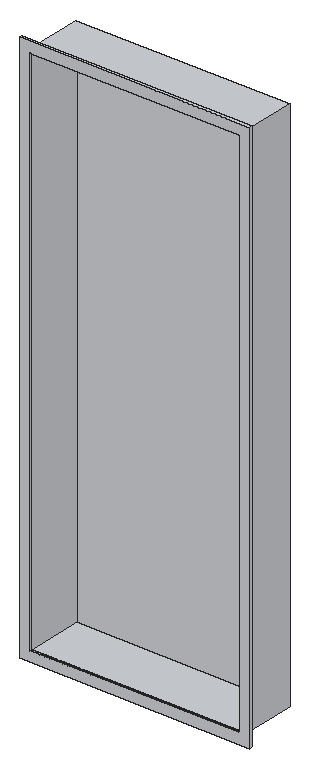
Revit family "Hager-Volta-IP30-Flush_mounted-empty-NoHosted-CH-en", category Electrical Equipment, Revit 2020
Family settings
  Panel Configuration = Two Columns, Circuits Across
  Round Connector Dimension = Use Diameter
  Part Type = Panelboard
  Work Plane-Based = Yes
  Always vertical = Yes
  Cut with Voids When Loaded = No
  Shared = No
  Room Calculation Point = No
Parameters (values of type "Recessed mounted  W348 H880 D94.5 12 Modular spacings - VU60NK")
  Width Control [instance] = if([HG000006 - Flush mounted], if([EF000846 - Built-in width] > min_whd, [EF000846 - Built-in width], min_whd), if([EF000008 - Width] > min_whd, ([EF000008 - Width]), min_whd))  # 335 mm
  Void Depth [instance] = if([EF000218 - Built-in depth] > 1 mm, [EF000218 - Built-in depth], 1 mm)  # 90 mm
  Type Comments = [HG000003 - Range]  # "Volta"
  System Height [instance] = Height Control - 2 * [HG000005 - Thickness]  # 840 mm
  Panel Name [instance] = ""  # (empty or 0)
  Offset [instance] = 0 mm
  Model = [HG000004 - Manufacturer reference]  # "VU60NK"
  Level Offset [instance] = [Flush Mounted - Door Frame Width] + Offset  # 34 mm
  HG000017 - Distance between poles = 18 mm
  HG000016 - Door 3d visibility [instance] = yes
  HG000015 - Clearance visibility [instance] = no
  HG000014 - Door on the right [instance] = yes
  HG000013 - Door on the left [instance] = not([HG000014 - Door on the right])  # no
  HG000012 - Door swing angle [instance] = 45.00°
  HG000011 - Empty rows from bottom = no
  HG000010 - Asymmetric doors = no
  HG000009 - Double swing door = no
  HG000008 - Number of empty rows = 0
  HG000007 - Number of empty columns = 0
  HG000006 - Flush mounted = yes
  HG000005 - Thickness = 3 mm  # constant formula
  HG000004 - Manufacturer reference = "VU60NK"
  HG000003 - Range = "Volta"
  HG000002 - With door or cover = no
  HG000001 - Number of columns = 0
  EF015941 - Signal passing door = no
  EF015777 - Neutral terminal block = no
  EF015776 - Earthing terminal block = no
  EF009212 - Cover model = "EV000116 - Closed"
  EF006306 - With lock = no
  EF006244 - Transparent cover/door = no
  EF005474 - Degree of protection (IP) = ""
  EF004462 - Type of closure = ""
  EF002950 - Width in number of modular spacings = 12
  EF001596 - Material housing = "EV000139 - Plastic"
  EF001134 - DIN-rail = no
  EF001131 - Internal depth = 92 mm
  EF001088 - Extension possible = yes
  EF001062 - EMC-version = yes
  EF000846 - Built-in width = 335 mm
  EF000339 - Type of cover = ""
  EF000332 - Built-in height = 846 mm
  EF000266 - Number of rows = 5
  EF000218 - Built-in depth = 90 mm
  EF000118 - With mounting plate = no
  EF000116 - RAL-number = "7035"
  EF000049 - Depth = 94 mm
  EF000040 - Height = 880 mm
  EF000008 - Width = 348 mm
  EF000007 - Colour = "EV000270 - Grey"
  EF000003 - Mounting method = "EV000383 - Flush mounted (plaster)"
  Description = ""
  Default Elevation = 1219.2 mm
  Arrow Offset [instance] = Depth Control / 8  # 11.25 mm
  Arrow Height [instance] = Depth Control - Arrow Offset  # 78.75 mm
  Host Offset [instance] = if([HG000006 - Flush mounted], 0 mm, [EF000049 - Depth])  # 0 mm
  min_whd [instance] = (2 * [HG000005 - Thickness]) + 1 mm  # 7 mm
  Manufacturer = "Hager"  # constant formula
  Height Control [instance] = if([HG000006 - Flush mounted], if([EF000332 - Built-in height] > min_whd, [EF000332 - Built-in height], min_whd), if([EF000040 - Height] > min_whd, ([EF000040 - Height]), min_whd))  # 846 mm
  Flush Mounted - Door Frame Width [instance] = if(([EF000040 - Height] - [EF000332 - Built-in height]) > 0 mm, if([HG000006 - Flush mounted], [EF000040 - Height] - [EF000332 - Built-in height], 0 mm), 0 mm)  # 34 mm
  Depth Control [instance] = if([HG000006 - Flush mounted], if([EF000218 - Built-in depth] > 0 mm, [EF000218 - Built-in depth], 1 mm), if([EF000049 - Depth] > 0 mm, ([EF000049 - Depth]), 1 mm))  # 90 mm
Types (5, lengths in mm): name | System Height | Model | Level Offset | HG000004 - Manufacturer reference | EF000332 - Built-in height | EF000266 - Number of rows | EF000040 - Height | EF000008 - Width | Height Control | Flush Mounted - Door Frame Width
  Recessed mounted  W330 H355 D94.5 12 Modular spacings - VU12NK | 340 | "VU12NK" | 9 | "VU12NK" | 346 | 1 | 355 | 330 | 346 | 9
  Recessed mounted  W330 H484 D94.5 12 Modular spacings - VU24NK | 465 | "VU24NK" | 13 | "VU24NK" | 471 | 2 | 484 | 330 | 471 | 13
  Recessed mounted  W330 H609 D94.5 12 Modular spacings - VU36NK | 590 | "VU36NK" | 13 | "VU36NK" | 596 | 3 | 609 | 330 | 596 | 13
  Recessed mounted  W330 H734 D94.5 12 Modular spacings - VU48NK | 715 | "VU48NK" | 13 | "VU48NK" | 721 | 4 | 734 | 330 | 721 | 13
  Recessed mounted  W348 H880 D94.5 12 Modular spacings - VU60NK | 840 | "VU60NK" | 34 | "VU60NK" | 846 | 5 | 880 | 348 | 846 | 34
Reference planes
  plane 1 "Center (Front/Back)": y = 0
  plane 2: z = 0
  plane 3 "Center (Left/Right)": x = 0
  plane 4: y = 37
  plane 5: y = 90
  plane 6: y = 34
  plane 7: z = 0
  plane 8: x = -167.5
  plane 9: x = 167.5
  plane 10: x = 164.5
  plane 11: x = -164.5
  plane 12: z = 34
  plane 13: z = 37
  plane 14: y = 5
  plane 15: y = 0
  plane 16: y = 87
  plane 17: z = 877
  plane 18: z = 880
  plane 19: z = 457
  plane 20: x = 0
  plane 21: y = -100
Forms (mm)
  Extrusion 1, solid
    sketch origin (-208.679, -4572, 34) x (-1, 0, 0) y (0, -1, 0)
      loop
        line (-41.179, -4572) -> (-376.179, -4572) -> (-376.179, -4662) -> (-41.179, -4662) -> (-41.179, -4572)
    from 0 to 846 <- "Height Control"
  Extrusion 2, void
    sketch origin (-350.771, 0, 1219.2) x (1, 0, 0) y (0, 0, 1)
      loop
        line (186.271, -342.2) -> (186.271, -1182.2) -> (515.271, -1182.2) -> (515.271, -342.2) -> (186.271, -342.2)
    from 0 to -87
  Extrusion 3, solid, detail levels coarse+medium
    sketch origin (-350.771, 0, 1219.2) x (-1, 0, 0) y (0, 0, 1)
      loop
        line (-186.271, -342.2) -> (-515.271, -342.2) -> (-515.271, -1182.2) -> (-186.271, -1182.2) -> (-186.271, -342.2)
    from 0 to 3 <- "HG000005 - Thickness"
Cuts and joins
  Extrusion 2 cuts Extrusion 1
Dimensions and locks
  "Flush Mounted - Door Frame Width": plane 1 "Center (Front/Back)" to plane 6
  "HG000005 - Thickness": plane 4 to plane 6
  "HG000005 - Thickness": plane 8 to plane 11
  "HG000005 - Thickness": plane 9 to plane 10
  equal spacing: plane 8, plane 3 "Center (Left/Right)", plane 9
  "Width Control": plane 8 to plane 9
  locked: plane 14 to plane 15 at 5
  "Host Offset": plane 1 "Center (Front/Back)" to plane 15
  "Depth Control": plane 5 to plane 15
  "HG000005 - Thickness": plane 5 to plane 16
  "HG000005 - Thickness": plane 13 to plane 12
  "Level Offset": plane 12 to level
  "HG000005 - Thickness": plane 18 to plane 17
  "Height Control": plane 18 to plane 12
  "Arrow Offset": plane 5 to nested 4
  equal spacing: plane 18, plane 19, plane 12
  locked: connector elem to plane 19
  locked: connector elem to plane 3 "Center (Left/Right)"
  aligned and locked: nested 1 to plane 14
  aligned and locked: plane 3 "Center (Left/Right)" to nested 1
  aligned and locked: plane 3 "Center (Left/Right)" to nested 2
  aligned and locked: nested 2 to plane 15
  aligned and locked: plane 5 to Extrusion 1
  aligned and locked: Extrusion 3 sketch curve to plane 17
  aligned and locked: Extrusion 3 sketch curve to plane 11
  aligned and locked: plane 13 to Extrusion 3 sketch curve
  aligned and locked: Extrusion 3 sketch curve to plane 10
  aligned and locked: plane 13 to Extrusion 2 sketch curve
  aligned and locked: Extrusion 2 sketch curve to plane 10
  aligned and locked: Extrusion 2 sketch curve to plane 17
  aligned and locked: Extrusion 2 sketch curve to plane 11
  aligned and locked: plane 16 to Extrusion 2
  aligned and locked: plane 5 to Extrusion 1 sketch curve
  aligned and locked: plane 9 to Extrusion 1 sketch curve
  aligned and locked: plane 8 to Extrusion 1 sketch curve
  aligned and locked: plane 8 to nested 4
  aligned and locked: plane 8 to nested 3
  aligned and locked: nested 3 to plane 5
  aligned and locked: Extrusion 1 sketch curve to plane 15
  aligned and locked: Extrusion 2 to plane 15
Nested families
  nested 1: "Hager_Enclosure_System" at (0, 5, 37), Flush_Mounted <- "HG000006 - Flush mounted", Width <- "EF000008 - Width", Height <- "System Height", Width_Control <- "Width Control", Row_Module_Multiplicator <- "EF002950 - Width in number of modular spacings", Empty_Columns <- "HG000007 - Number of empty columns", Built-in_Width <- "EF000846 - Built-in width", Border <- "HG000005 - Thickness", Total_No_Empty_Rows <- "HG000008 - Number of empty rows", Depth <- "HG000005 - Thickness", Empty_Rows_From_Bottom <- "HG000011 - Empty rows from bottom", Distance_Between_Poles <- "HG000017 - Distance between poles", Rows_Count <- "EF000266 - Number of rows", Columns_Count <- "HG000001 - Number of columns", type "Hager_Enclosure_System", detail levels medium+fine
    with Width_Control 335 mm, Width 348 mm, Total_No_Rows 5, Total_No_Empty_Rows 0, Total_No_Columns 1, System_Width 329 mm, Rows_Count 5, Rows_Column 5, Row_Module_Multiplicator 12, Panel_4 no, Panel_3 no, Panel_2 no, Panel_1 no, No_Panels_Ctrl 1, Hide_Columns yes, Height 840 mm, Flush_Mounted yes, Empty_Rows_From_Bottom no, Empty_Rows_Column 0, Empty_Columns 0, Distance_Between_Poles 18 mm, Depth 3 mm, Columns_Count 0, Column_Width 329 mm, Built-in_Width 335 mm, Border 3 mm
  nested 2: "Hager_Enclosure_Door" at (0, 0, 34), Double <- "HG000009 - Double swing door", Height_Ctrl <- "Height Control", Transparent <- "EF006244 - Transparent cover/door", Depth <- "EF000049 - Depth", Height <- "EF000040 - Height", Angle <- "HG000012 - Door swing angle", Door_Right <- "HG000014 - Door on the right", Assymetrical <- "HG000010 - Asymmetric doors", Flush_Mounted <- "HG000006 - Flush mounted", BuiltIn_Depth <- "EF000218 - Built-in depth", BuiltIn_Width <- "EF000846 - Built-in width", Door <- "HG000002 - With door or cover", Width_Ctrl <- "Width Control", 3d_Door <- "HG000016 - Door 3d visibility", Width <- "EF000008 - Width", Border <- "HG000005 - Thickness", BuiltIn_Height <- "EF000332 - Built-in height", Clearance <- "HG000015 - Clearance visibility", Door_Left <- "HG000013 - Door on the left", type "Hager_Enclosure_Door", detail levels medium+fine
    with min_wh 7 mm, Width_Ctrl 335 mm, Width 348 mm, Transparent_Door_No_Bottom_Border no, Transparent no, Leaf_Width 326 mm, Leaf_Tolerance 1.5 mm, Leaf_Height 837 mm, Leaf_2_Width 326 mm, Leaf_2_Offset 163 mm, Leaf_1_Width 326 mm, Leaf_1_Offset 163 mm, Height_Ctrl 846 mm, Height 880 mm, Frame_Width_Ctrl 13 mm, Frame_Width 13 mm, Frame_Internal_Offset 3 mm, Frame_Height_Ctrl 34 mm, Frame_Height 34 mm, Frame_Depth_Ctrl 4 mm, Frame_Depth 4 mm, Flush_Mounted yes, Double_Clearance_Ctrl no, Double no, Door_Right_Ctrl no, Door_Right yes, Door_Left_Ctrl no, Door_Left no, Door no, Depth 94 mm, Clearance_Depth 326 mm, Clearance_Ctrl no, Clearance no, BuiltIn_Width 335 mm, BuiltIn_Height 846 mm, BuiltIn_Depth 90 mm, Border 3 mm, Assymetrical no, Angle 45.00°, 3d_Door yes
  nested 3: "Hager_Enclosure_Symbol_Triangle" at (-167.5, 90, 0), Depth <- "Depth Control", Width <- "Width Control", type "Hager_Enclosure_Symbol_Triangle"
    with Width_Ctrl 335 mm, Width 335 mm, Depth_Ctrl 90 mm, Depth 90 mm
  nested 4: "Hager_Enclosure_Symbol_Arrow" at (-167.5, 78.75, 0), Height <- "Arrow Height", type "Hager_Enclosure_Symbol_Arrow"
    with Width_Inside 5.906 mm, Width 70.875 mm, Height_Ctrl 78.75 mm, Height 78.75 mm
Connectors
  electrical at (0, 90, 457)
    settings: on plane 5, index 1, voltage 0 V, apparent load 0 VA, apparent load phase1 0 VA, apparent load phase2 0 VA, apparent load phase3 0 VA, power factor 1, load classification "Other", number of poles 1, system type 30, power factor state 1, is connector primary yes, connector utility no, sub classification motor no, connector description ""
Definition of nested family "Hager_Enclosure_Door"
  Parameters (values of type "Hager_Enclosure_Door")
    min_wh [instance] = (2 * Border) + 1 mm  # 11 mm
    Width_Ctrl [instance] = 400 mm
    Width [instance] = 500 mm
    Transparent_Door_No_Bottom_Border [instance] = no
    Transparent [instance] = yes
    Leaf_Width [instance] = if((Width_Ctrl - 2 * Border - 2 * Leaf_Tolerance) > 0 mm, (Width_Ctrl - 2 * Border - 2 * Leaf_Tolerance), min_wh)  # 387 mm
    Leaf_Tolerance [instance] = 1.5 mm  # constant formula
    Leaf_Height [instance] = if((Height_Ctrl - 2 * Border - 2 * Leaf_Tolerance) > 0 mm, (Height_Ctrl - 2 * Border - 2 * Leaf_Tolerance), min_wh)  # 387 mm
    Leaf_2_Width [instance] = if(and(and(Double, Assymetrical), Door_Left), (Leaf_Width / 3) - (Leaf_Tolerance / 2), if(and(and(Double, Assymetrical), Door_Right), (Leaf_Width / 3) * 2 - (Leaf_Tolerance / 2), if(and(Double, not(Assymetrical)), (Leaf_Width / 2) - Leaf_Tolerance, Leaf_Width)))  # 387 mm
    Leaf_2_Offset [instance] = if(and(Double, Assymetrical), Leaf_2_Width / 2, if(and(Double, not(Assymetrical)), Leaf_Width / 4, Leaf_Width / 2))  # 193.5 mm
    Leaf_1_Width [instance] = if(and(and(Double, Assymetrical), Door_Right), (Leaf_Width / 3) - (Leaf_Tolerance / 2), if(and(and(Double, Assymetrical), Door_Left), (Width / 3) * 2 - (Leaf_Tolerance / 2), if(and(Double, not(Assymetrical)), (Leaf_Width / 2) - Leaf_Tolerance, Leaf_Width)))  # 387 mm
    Leaf_1_Offset [instance] = if(and(Double, Assymetrical), Leaf_1_Width / 2, if(and(Double, not(Assymetrical)), Leaf_Width / 4, Leaf_Width / 2))  # 193.5 mm
    Height_Ctrl [instance] = 400 mm
    Height [instance] = 500 mm
    Frame_Width_Ctrl [instance] = if(Frame_Width > 0 mm, Frame_Width, 1 mm)  # 1 mm
    Frame_Width [instance] = Width - BuiltIn_Width  # 0 mm
    Frame_Internal_Offset [instance] = if(Flush_Mounted, Border, 0 mm)  # 5 mm
    Frame_Height_Ctrl [instance] = if(Frame_Height > 0 mm, Frame_Height, 1 mm)  # 1 mm
    Frame_Height [instance] = Height - BuiltIn_Height  # 0 mm
    Frame_Depth_Ctrl [instance] = if(Frame_Depth > 0 mm, Frame_Depth, 1 mm)  # 1 mm
    Frame_Depth [instance] = if(Depth - BuiltIn_Depth > 0 mm, if(Flush_Mounted, Depth - BuiltIn_Depth, 0 mm), 0 mm)  # 0 mm
    Flush_Mounted [instance] = yes
    Double_Clearance_Ctrl [instance] = and(Double, Clearance)  # no
    Double [instance] = no
    Door_Right_Ctrl [instance] = and(or(Door_Right, Double), Door)  # yes
    Door_Right [instance] = yes
    Door_Left_Ctrl [instance] = and(or(Door_Left, Double), Door)  # no
    Door_Left [instance] = no
    Door [instance] = yes
    Depth [instance] = 500 mm
    Default Elevation = 1219.2 mm
    Clearance_Material = none
    Clearance_Depth [instance] = if(Leaf_1_Width > Leaf_2_Width, Leaf_1_Width, Leaf_2_Width)  # 387 mm
    Clearance_Ctrl [instance] = and(not(Double), Clearance)  # yes
    Clearance [instance] = yes
    BuiltIn_Width [instance] = 500 mm
    BuiltIn_Height [instance] = 500 mm
    BuiltIn_Depth [instance] = 500 mm
    Border [instance] = 5 mm
    Assymetrical [instance] = yes
    Angle [instance] = 30.00°
    3d_Door [instance] = yes
  Reference planes
    plane 1 "Center (Front/Back)": y = 0
    plane 2 "Bottom": z = 0
    plane 3 "Center (Left/Right)": x = 0
    plane 4: z = 400
    plane 5: x = -200
    plane 6: x = 200
    plane 7: z = 395
    plane 8: x = -195
    plane 9: z = 5
    plane 10: x = 195
    plane 11: y = 0
    plane 12: z = 6.5
    plane 13: x = -582
    plane 14: y = -387
    plane 15: x = 582
    plane 16: x = 0
    plane 17: x = 0
    plane 18: x = -193.5
    plane 19: x = 193.5
    plane 20: z = 393.5
  Forms (mm)
    Extrusion 1, solid, visible <- "Flush_Mounted"
      sketch origin (0, 0, 0) x (1, 0, 0) y (0, 0, 1)
        loop
          line (195, 5) -> (195, 395) -> (-195, 395) -> (-195, 5) -> (195, 5)
        loop
          line (-201, 401) -> (-201, -1) -> (201, -1) -> (201, 401) -> (-201, 401)
      from 0 to 1 <- "Frame_Depth_Ctrl"
    Extrusion 2, solid, material <- "Clearance_Material", visible <- "Double_Clearance_Ctrl"
      sketch origin (1200, 0, 0) x (1, 0, 0) y (0, 0, -1)
        loop
          line (-1782, -393.5) -> (-618, -393.5) -> (-618, 0) -> (-1782, 0) -> (-1782, -393.5)
      from 0 to -387
  Dimensions and locks
    equal spacing: plane 5, plane 3 "Center (Left/Right)", plane 6
    "Width_Ctrl": plane 5 to plane 6
    "Border": plane 5 to plane 8
    "Border": plane 6 to plane 10
    "Border": plane 9 to level
    "Border": plane 4 to plane 7
    "Height_Ctrl": plane 4 to level
    "Leaf_Tolerance": plane 12 to plane 9
    "Frame_Depth": plane 11 to plane 1 "Center (Front/Back)"
    "Frame_Width_Ctrl": plane 5 to Extrusion 1 sketch curve
    "Frame_Width_Ctrl": plane 6 to Extrusion 1 sketch curve
    "Frame_Width_Ctrl": Extrusion 1 sketch curve to plane 4
    "Frame_Width_Ctrl": plane 2 "Bottom" to Extrusion 1 sketch curve
    "Leaf_1_Offset": plane 18 to plane 16
    "Leaf_2_Offset": plane 17 to plane 19
    "Leaf_1_Width": plane 13 to plane 8
    "Leaf_2_Width": plane 10 to plane 15
    "Clearance_Depth": plane 14 to plane 1 "Center (Front/Back)"
    "Leaf_Tolerance": plane 8 to plane 18
    "Leaf_Tolerance": plane 19 to plane 10
    "Leaf_Tolerance": plane 7 to plane 20
    "Frame_Internal_Offset": plane 5 to Extrusion 1 sketch curve
    "Frame_Internal_Offset": Extrusion 1 sketch curve to plane 2 "Bottom"
    "Frame_Internal_Offset": plane 6 to Extrusion 1 sketch curve
    "Frame_Internal_Offset": plane 4 to Extrusion 1 sketch curve
    aligned and locked: level to plane 2 "Bottom"
    aligned and locked: nested 1 to plane 16
    aligned and locked: nested 2 to plane 17
    aligned and locked: Extrusion 2 to plane 13
    aligned and locked: plane 15 to Extrusion 2
    aligned and locked: Extrusion 2 to plane 14
    aligned and locked: plane 12 to nested 1
    aligned and locked: nested 2 to plane 12
    aligned and locked: Extrusion 2 to plane 11
    aligned and locked: plane 20 to Extrusion 2
    aligned and locked: nested 2 to plane 11
    aligned and locked: nested 1 to plane 11
  Automatic sketch dimensions
    Extrusion 2 sketch curve to level = 0 mm
    plane 5 to Extrusion 2 sketch curve = 382 mm
    plane 6 to Extrusion 2 sketch curve = 382 mm
    Extrusion 2 sketch curve to plane 4 = 6.5 mm
  Nested families
    nested 1: "Hager_Enclosure_Door_Leaf" at (0, 0, 6.5), Width <- "Leaf_1_Width", visible <- "Door_Left_Ctrl", Leaf_Height <- "Leaf_Height", Angle <- "Angle", Depth <- "Border", 3d_Door <- "3d_Door", Transparent <- "Transparent", Clearance Material <- "Clearance_Material", Clearance <- "Clearance_Ctrl", Transparent_Door_No_Bottom_Border <- "Transparent_Door_No_Bottom_Border", type "Hager_Enclosure_Door_Leaf"
      with Width 387 mm, Transparent_Door_No_Bottom_Border no, Transparent_Door_Border_Bottom_Top 25 mm, Transparent_Door_Border 25 mm, Transparent_Ctrl yes, Transparent yes, Standard no, Leaf_Height 387 mm, Glass_Offset 1 mm, Depth 5 mm, Clearance Material none, Clearance yes, Angle_Ctrl 30.00°, Angle 30.00°, 3d_Door yes
    nested 2: "Hager_Enclosure_Door_Leaf" at (0, 0, 6.5) x (-1, 0, 0) z (0, 0, 1), Width <- "Leaf_2_Width", visible <- "Door_Right_Ctrl", Leaf_Height <- "Leaf_Height", Angle <- "Angle", Depth <- "Border", 3d_Door <- "3d_Door", Transparent <- "Transparent", Clearance Material <- "Clearance_Material", Clearance <- "Clearance_Ctrl", Transparent_Door_No_Bottom_Border <- "Transparent_Door_No_Bottom_Border", type "Hager_Enclosure_Door_Leaf"
      with Width 387 mm, Transparent_Door_No_Bottom_Border no, Transparent_Door_Border_Bottom_Top 25 mm, Transparent_Door_Border 25 mm, Transparent_Ctrl yes, Transparent yes, Standard no, Leaf_Height 387 mm, Glass_Offset 1 mm, Depth 5 mm, Clearance Material none, Clearance yes, Angle_Ctrl 30.00°, Angle 30.00°, 3d_Door yes
  Definition of nested family "Hager_Enclosure_Door_Leaf"
    Parameters (values of type "Hager_Enclosure_Door_Leaf")
      Width [instance] = 2000 mm
      Transparent_Door_No_Bottom_Border [instance] = yes
      Transparent_Door_Border_Bottom_Top [instance] = if(Transparent_Door_No_Bottom_Border, 0.1 mm, Transparent_Door_Border)  # 0.1 mm
      Transparent_Door_Border [instance] = if(Transparent_Door_No_Bottom_Border, (Width * 0.12), 25 mm)  # 240 mm
      Transparent_Ctrl [instance] = and(Transparent, [3d_Door])  # yes
      Transparent [instance] = yes
      Standard [instance] = and(not(Transparent), [3d_Door])  # no
      Leaf_Height [instance] = 2720.336 mm
      Glass_Offset [instance] = if((Depth - 10 mm) / 2 > 0 mm, (Depth - 10 mm) / 2, 1 mm)  # 15 mm
      Glass_Material = none
      Depth [instance] = 40 mm
      Default Elevation = 0 mm
      Clearance Material [instance] = none
      Clearance [instance] = yes
      Angle_Ctrl [instance] = if(Angle > 170.00°, 170.00°, Angle)  # 45.00°
      Angle [instance] = 45.00°
      3d_Door [instance] = yes
    Reference planes
      plane 1 "Center (Front/Back)": y = 0
      plane 2: z = 0
      plane 3 "Center (Left/Right)": x = 0
      plane 4: y = 2000
      plane 5: x = -1000
      plane 6: x = 1000
      plane 7: x = -3000
      plane 8: z = 2720.336
      plane 9: z = 0.1
      plane 10: z = 2720.236
      plane 11: x = 760
      plane 12: x = -760
    Forms (mm)
      Extrusion 1, solid, material <- "Clearance Material", visible <- "Clearance"
        sketch origin (0, 0, 0) x (1, 0, 0) y (0, 0, 1)
          loop
            line (-3000, 2720.336) -> (-3000, 0) -> (1000, 0) -> (1000, 2720.336) -> (-3000, 2720.336)
        from 0 to -2000
      Extrusion 2, solid, visible <- "Standard", detail levels medium+fine
        sketch origin (-1000, 0, 0) x (0.707107, 0.707107, 0) y (-0.707107, 0.707107, 0)
          loop
            line (0, -40) -> (2000, -40) -> (2000, 0) -> (0, 0) -> (0, -40)
        from 0 to 2720.336 <- "Leaf_Height"
      Extrusion 3, solid, visible <- "Transparent_Ctrl", detail levels medium+fine
        sketch origin (-1000, 0, 0) x (0.707107, 0.707107, 0) y (-0.707107, 0.707107, 0)
          loop
            line (0, -40) -> (2000, -40) -> (2000, 0) -> (0, 0) -> (0, -40)
        from 0 to 2720.336 <- "Leaf_Height"
      Extrusion 4, void, detail levels medium+fine
        sketch origin (-1000, 0, 0) x (-0.707107, 0.707107, 0) y (0.707107, 0.707107, 0)
          loop
            line (0, 240) -> (0, 1760) -> (-40, 1760) -> (-40, 240) -> (0, 240)
        from -2720.236 to -0.1
      Extrusion 5, solid, material <- "Glass_Material", visible <- "Transparent_Ctrl", detail levels medium+fine
        sketch origin (-1000, 0, 0) x (0.707107, 0.707107, 0) y (-0.707107, 0.707107, 0)
          loop
            line (240, -15) -> (240, -25) -> (1760, -25) -> (1760, -15) -> (240, -15)
        from 0.1 to 2720.236
    Cuts and joins
      Extrusion 4 cuts Extrusion 3
    Lines and regions (mm)
      symbolic lines
        curve 1: line (1000, 0, 0) -> (-3000, 0, 0)
        curve 2: arc (1000, 0, 0) -> (-1000, 2000, 0) -> (-3000, 0, 0) r 2000
        curve 4: line (-1000, 0, 0) -> (414.214, 1414.214, 0)
      reference lines
        curve 3: line (-1000, 0, 0) -> (414.214, 1414.214, 0)
      symbolic lines, detail levels medium+fine
        curve 5: line (414.214, 1414.214, 0) -> (442.498, 1385.929, 0)
        curve 6: line (442.498, 1385.929, 0) -> (-971.716, -28.284, 0)
        curve 7: line (-971.716, -28.284, 0) -> (-1000, 0, 0)
        curve 8: line (-1000, 0, 2720.336) -> (1000, 0, 2720.336)
        curve 9: line (-1000, 0, 0) -> (-1000, 0, 2720.336)
        curve 10: line (1000, 0, 0) -> (-1000, 0, 0)
        curve 11: line (1000, 0, 2720.336) -> (1000, 0, 0)
      symbolic lines, visible <- "Transparent_Ctrl", detail levels medium+fine
        curve 12: line (-760, 0, 2720.236) -> (760, 0, 2720.236)
        curve 13: line (-760, 0, 0.1) -> (-760, 0, 2720.236)
        curve 14: line (760, 0, 0.1) -> (-760, 0, 0.1)
        curve 15: line (760, 0, 2720.236) -> (760, 0, 0.1)
    Dimensions and locks
      "Width": plane 1 "Center (Front/Back)" to plane 4
      equal spacing: plane 5, plane 3 "Center (Left/Right)", plane 6
      "Width": plane 5 to plane 6
      "Width": plane 7 to plane 5
      "Leaf_Height": plane 8 to level
      "Depth": curve 6 to curve 3
      "Width": curve 5 to curve 3
      "Width": curve 3 to curve 3
      "Transparent_Door_Border": Extrusion 4 sketch curve to curve 7
      "Transparent_Door_Border": Extrusion 4 sketch curve to curve 5
      "Transparent_Door_Border_Bottom_Top": plane 8 to plane 10
      "Transparent_Door_Border_Bottom_Top": plane 9 to level
      "Glass_Offset": Extrusion 5 sketch curve to curve 4
      "Glass_Offset": Extrusion 5 sketch curve to curve 6
      "Transparent_Door_Border": Extrusion 5 sketch curve to curve 5
      "Transparent_Door_Border": Extrusion 5 sketch curve to curve 7
      "Transparent_Door_Border": plane 12 to plane 5
      "Transparent_Door_Border": plane 6 to plane 11
      "Angle_Ctrl": angle plane 1 "Center (Front/Back)" to curve 3
      aligned and locked: level to plane 2
      aligned and locked: Extrusion 1 to curve 1
      aligned and locked: plane 6 to Extrusion 1
      aligned and locked: Extrusion 1 to plane 1 "Center (Front/Back)"
      aligned and locked: plane 4 to Extrusion 1
      aligned and locked: plane 8 to Extrusion 1
      aligned and locked: curve 4 to curve 3
      aligned and locked: Extrusion 2 sketch curve to curve 7
      aligned and locked: Extrusion 2 sketch curve to curve 6
      aligned and locked: Extrusion 2 sketch curve to curve 5
      aligned and locked: Extrusion 2 sketch curve to curve 3
      aligned and locked: curve 7 to Extrusion 3 sketch curve
      aligned and locked: Extrusion 3 sketch curve to curve 4
      aligned and locked: Extrusion 3 sketch curve to curve 6
      aligned and locked: Extrusion 3 sketch curve to curve 5
      aligned and locked: curve 4 to Extrusion 4 sketch curve
      aligned and locked: curve 6 to Extrusion 4 sketch curve
      aligned and locked: Extrusion 4 to plane 9
      aligned and locked: Extrusion 4 to plane 10
      aligned and locked: Extrusion 5 to plane 9
      aligned and locked: Extrusion 5 to plane 10
      aligned and locked: curve 8 to plane 8
      aligned and locked: plane 5 to curve 9
      aligned and locked: plane 2 to curve 10
      aligned and locked: curve 11 to plane 6
      aligned and locked: plane 10 to curve 12
      aligned and locked: plane 12 to curve 13
      aligned and locked: curve 14 to plane 9
      aligned and locked: plane 11 to curve 15
    Automatic sketch dimensions
      plane 1 "Center (Front/Back)" to curve 2 = 0 mm
      curve 2 to plane 5 = 0 mm
      Extrusion 1 sketch curve to level = 0 mm
      Extrusion 1 sketch curve to plane 7 = 0 mm
      Extrusion 1 sketch curve to plane 6 = 0 mm
      Extrusion 1 sketch curve to plane 8 = 0 mm
      plane 1 "Center (Front/Back)" to curve 3 = 0 mm
      curve 3 to plane 5 = 0 mm
      curve 7 to curve 3 = 0 mm
Definition of nested family "Hager_Enclosure_Symbol_Triangle"
  Parameters (values of type "Hager_Enclosure_Symbol_Triangle")
    Width_Ctrl [instance] = if(Width > 1 mm, Width, 1 mm)  # 498 mm
    Width [instance] = 498 mm
    Depth_Ctrl [instance] = if(Depth > 1 mm, Depth, 1 mm)  # 72 mm
    Depth [instance] = 72 mm
  Reference planes
    plane 1 "Centre (avant/arrière)": y = 0
    plane 2: z = 0
    plane 3 "Centre (gauche/droite)": x = 0
  Lines and regions (mm)
    Filled region 1, type "Solid_Black", in view "Niveau de réf."
      outline origin (0, 0, 0) x (1, 0, 0) y (0, 1, 0)
        loop
          line (0, 0) -> (498, 0) -> (498, 72) -> (0, 0)
    reference lines, in view "Niveau de réf."
      curve 1: line (-206.153, 72, 0) -> (1083.258, 72, 0)
      curve 2: line (498, 405.456, 0) -> (498, -517.619, 0)
  Dimensions and locks
    "Depth_Ctrl": plane 1 "Centre (avant/arrière)" to curve 1
    "Width_Ctrl": plane 3 "Centre (gauche/droite)" to curve 2
    aligned and locked: curve 1 to Filled region 1 sketch curve
    aligned and locked: Filled region 1 sketch curve to plane 1 "Centre (avant/arrière)"
    aligned and locked: curve 2 to Filled region 1 sketch curve
    aligned and locked: plane 3 "Centre (gauche/droite)" to Filled region 1 sketch curve
    aligned and locked: plane 1 "Centre (avant/arrière)" to Filled region 1 sketch curve
  Automatic sketch dimensions
    curve 1 to plane 3 "Centre (gauche/droite)" = 206.153 mm
    curve 2 to curve 1 = 585.258 mm
    plane 1 "Centre (avant/arrière)" to curve 2 = 517.619 mm
    curve 2 to plane 1 "Centre (avant/arrière)" = 405.456 mm
Definition of nested family "Hager_Enclosure_Symbol_Arrow"
  Parameters (values of type "Hager_Enclosure_Symbol_Arrow")
    Width_Inside [instance] = if(Width / 12 > 2 mm, Width / 12, 2 mm)  # 4.987 mm
    Width [instance] = if(Height_Ctrl * 0.9 > 2 mm, Height_Ctrl * 0.9, 2 mm)  # 59.85 mm
    Height_Ctrl [instance] = if(Height > 2 mm, Height, 2 mm)  # 66.5 mm
    Height [instance] = 66.5 mm
  Reference planes
    plane 1 "Centre (avant/arrière)": y = 0
    plane 2: z = 0
    plane 3 "Centre (gauche/droite)": x = 0
    plane 4: x = 59.85
    plane 5: y = 28.263
    plane 6: y = 38.238
    plane 7: y = 66.5
    plane 8: x = 29.925
    plane 9: y = 33.25
  Lines and regions (mm)
    Filled region 1, type "Solid_Black", in view "Niveau de réf."
      outline origin (0, 0, 0) x (1, 0, 0) y (0, 1, 0)
        loop
          line (59.85, 66.5) -> (37.929, 52.827) -> (51.846, 41.935) -> (59.85, 66.5)
    detail lines, in view "Niveau de réf."
      curve 1: line (0, 0, 0) -> (29.925, 38.238, 0)
      curve 2: line (29.925, 38.238, 0) -> (29.925, 28.263, 0)
      curve 3: line (29.925, 28.263, 0) -> (59.85, 66.5, 0)
  Dimensions and locks
    "Width": plane 3 "Centre (gauche/droite)" to plane 4
    "Height_Ctrl": plane 7 to plane 1 "Centre (avant/arrière)"
    equal spacing: plane 3 "Centre (gauche/droite)", plane 8, plane 4
    equal spacing: plane 7, plane 9, plane 1 "Centre (avant/arrière)"
    equal spacing: plane 6, plane 9, plane 5
    "Width_Inside": plane 6 to plane 9
    equal spacing: curve 3, Filled region 1 sketch curve, Filled region 1 sketch curve
    angle Filled region 1 sketch curve to curve 3 = 20.00°
    angle curve 3 to Filled region 1 sketch curve = 20.00°
    locked: curve 3 to Filled region 1 sketch curve (angle 90.00°)
  Automatic sketch dimensions
    plane 1 "Centre (avant/arrière)" to curve 1 = 0 mm
    curve 1 to plane 3 "Centre (gauche/droite)" = 0 mm
    curve 2 to plane 6 = 0 mm
    curve 3 to plane 8 = 0 mm
    curve 3 to plane 4 = 0 mm
    curve 2 to plane 5 = 0 mm
    curve 3 to plane 7 = 0 mm
    Filled region 1 sketch curve to plane 4 = 0 mm
    Filled region 1 sketch curve to plane 7 = 0 mm
